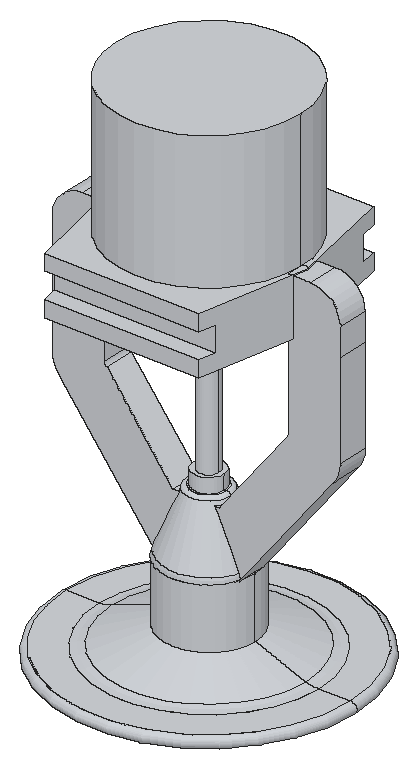
Revit family
Parameters (values of type "RASCO J112 PENDENT")
  Temperature Rating = 200 °F
  Response = 1
  RASCO SIN # = "RA7216"
  RASCO Part # = "J112P2C"
  Pressure Rating = "175 PSI"
  Pressure Class = (empty or 0)
  Orifice Size = 3/4"
  Orifice = (empty or 0)
  Model = "J112"
  Manufacturer = "RASCO"
  K-Factor = 11.2
  Description = "CHROME FINISH"
  Coverage = (empty or 0)
Reference planes (in)
  plane 1 "Center (Front/Back)": y = 0
  plane 2: z = 0
  plane 3 "Center (Left/Right)": x = 0
Nested families (in)
  nested 1: "J112P2C" at (0, -0.01064, 2.95) x (-1, 0, 0) z (0, 0, -1), type "RASCO J112 PENDENT"
Connectors (in)
  piping at (0, -0.01064, 2.95)
    settings: on nested 1, index 1, connector radius 1/2", flow factor 0, pipe flow 0 GPM, pressure drop 0.00 psi, fitting loss kfactor 0, connector angle 0.00°, fixture units 0, flow configuration 0, flow direction 0, fitting loss method 0, system type 7, connector reference index -1, connector utility 0, adjustable connector no, is connector primary yes, fitting loss table "", connector description ""
Definition of nested family "J112P2C"
  Parameters (values of type "RASCO J112 PENDENT")
    Type Comments = ""
    Temperature Rating = 0 °F
    Response = (empty or 0)
    Pressure Rating = "0"
    Pressure Class = (empty or 0)
    Orifice Size = 0"
    Orifice = (empty or 0)
    Model = ""
    Manufacturer = ""
    K-Factor = 0
    Description = ""
    Coverage = (empty or 0)
    Assembly Code = ""
  Reference planes (in)
    plane 1 "Center (Front/Back)": y = 0
    plane 2: z = 0
    plane 3 "REF.1": z = 0.773
    plane 4 "top": z = 2.8125
    plane 5: x = -0.81624
    plane 6: x = 0.81332
    plane 7 "ref.2": z = 2.098
    plane 8 "head": z = 2.6725
    plane 9 "left/right center": x = 0
    plane 10 "screw": z = 1.98251
    plane 11 "bulb": z = 1.098
    plane 12: z = 2.95
  Forms (in)
    Extrusion 1, solid
      sketch origin (0, 0, 0) x (1, 0, 0) y (0, 1, 0)
        loop
          circle (0, 0) r 0.5221
      from 0 to 0.773
    Extrusion 2, solid
      sketch origin (0, 0, 0.773) x (-1, 0, 0) y (0, -1, 0)
        loop
          line (-0.43619, -0.62052) -> (0.4375, -0.62052) -> (0.56391, 0) -> (0.4375, 0.62052) -> (-0.43619, 0.62052) -> (-0.56259, 0) -> (-0.43619, -0.62052)
      from 0 to 0.325
    Extrusion 3, void
      sketch origin (0, 0, 0) x (1, 0, 0) y (0, 0, 1)
        loop
          line (-0.56391, 1.00774) -> (-0.56391, 0.86298) -> (0.56259, 0.86298) -> (0.56259, 1.00774) -> (-0.56391, 1.00774)
      from 0.52148 to 0.62052
    Extrusion 4, solid
      sketch origin (0, 0, 0) x (1, 0, 0) y (0, 0, 1)
        loop
          line (-0.5221, 0.773) -> (-0.5221, 1.098) -> (-0.5221, 1.58091)
          arc (-0.5221, 1.58091) -> (-0.5194, 1.59708) -> (-0.51161, 1.61149) r 0.04979
          line (-0.51161, 1.61149) -> (-0.13316, 2.098) -> (-0.00066, 2.098) -> (0.13184, 2.098) -> (0.5115, 1.61158)
          arc (0.5115, 1.61158) -> (0.51938, 1.59706) -> (0.5221, 1.58077) r 0.05007
          line (0.5221, 1.58077) -> (0.5221, 1.098) -> (0.5221, 0.773) -> (0.64763, 0.773)
          arc (0.64763, 0.773) -> (0.76676, 0.82234) -> (0.8161, 0.94147) r 0.16847
          line (0.8161, 0.94147) -> (0.8161, 1.098) -> (0.8161, 1.63725)
          arc (0.8161, 1.63725) -> (0.80631, 1.69579) -> (0.77801, 1.74796) r 0.17993
          line (0.77801, 1.74796) -> (0.18552, 2.50706) -> (-0.18743, 2.50706) -> (-0.77818, 1.74764)
          arc (-0.77818, 1.74764) -> (-0.80636, 1.69554) -> (-0.8161, 1.63712) r 0.18
          line (-0.8161, 1.63712) -> (-0.8161, 1.098) -> (-0.8161, 0.94094)
          arc (-0.8161, 0.94094) -> (-0.76691, 0.82219) -> (-0.64816, 0.773) r 0.16794
          line (-0.64816, 0.773) -> (-0.5221, 0.773)
      from -0.08649 to 0.08732
    Extrusion 5, void
      sketch origin (0.00728, 1.142, 0) x (1, 0, 0) y (0, 0, 1)
        loop
          line (-0.56391, 1.00774) -> (-0.56391, 0.86298) -> (0.56259, 0.86298) -> (0.56259, 1.00774) -> (-0.56391, 1.00774)
      from 0.52148 to 0.62052
    Revolve 6, solid
      sketch origin (0, 0, 0) x (1, 0, 0) y (0, 0, 1)
        loop
          line (-0.00066, 2.8125) -> (-0.24139, 2.8125)
          arc (-0.24139, 2.8125) -> (-0.25522, 2.80677) -> (-0.26095, 2.79293) r 0.01957
          line (-0.26095, 2.79293) -> (-0.26095, 2.42899)
          arc (-0.26095, 2.42899) -> (-0.25939, 2.41285) -> (-0.25476, 2.3973) r 0.08419
          line (-0.25476, 2.3973) -> (-0.12582, 2.07995)
          arc (-0.12582, 2.07995) -> (-0.11591, 2.06775) -> (-0.10088, 2.06316) r 0.02692
          line (-0.10088, 2.06316) -> (-0.00066, 2.06316) -> (-0.00066, 2.8125)
        axis (-0.00066, 2.8125) -> (-0.00066, 2.06316)
      angle from 0 to 360
    Extrusion 7, solid
      sketch origin (0, 0, 2.8125) x (-1, 0, 0) y (0, -1, 0)
        loop
          circle (0.00095, 0) r 0.18173
      from 0 to 0.01153
    Extrusion 8, solid
      sketch origin (0, 0, 1.98251) x (-1, 0, 0) y (0, -1, 0)
        loop
          circle (0, 0) r 0.087
      from 0 to 0.0806
    Extrusion 9, solid
      sketch origin (0, 0, 1.098) x (-1, 0, 0) y (0, -1, 0)
        loop
          circle (0, 0) r 0.05954
      from 0 to 0.88451
    Revolve 10, solid
      sketch origin (0, 0, 0) x (1, 0, 0) y (0, 0, 1)
        loop
          arc (-0.80541, 2.95) -> (-0.83791, 2.91744) -> (-0.80529, 2.885) r 0.0325
          line (-0.80529, 2.885) -> (-0.6226, 2.885)
          arc (-0.6226, 2.885) -> (-0.58658, 2.88196) -> (-0.55157, 2.87291) r 0.21476
          line (-0.55157, 2.87291) -> (-0.20963, 2.75307)
          arc (-0.20963, 2.75307) -> (-0.1935, 2.7489) -> (-0.1769, 2.7475) r 0.09897
          line (-0.1769, 2.7475) -> (-0.00095, 2.7475) -> (-0.00095, 2.8125) -> (-0.1642, 2.8125)
          arc (-0.1642, 2.8125) -> (-0.18242, 2.81404) -> (-0.20012, 2.81861) r 0.10861
          line (-0.20012, 2.81861) -> (-0.53776, 2.93695)
          arc (-0.53776, 2.93695) -> (-0.57556, 2.94671) -> (-0.61446, 2.95) r 0.23187
          line (-0.61446, 2.95) -> (-0.80541, 2.95)
        axis (0, 2.95) -> (0, 2.7475)
      angle from 0 to 360
  Cuts and joins
    Extrusion 3, Extrusion 5 cuts Extrusion 2
  Dimensions and locks (in)
    plane 12 to level = 0' - 2.95"
